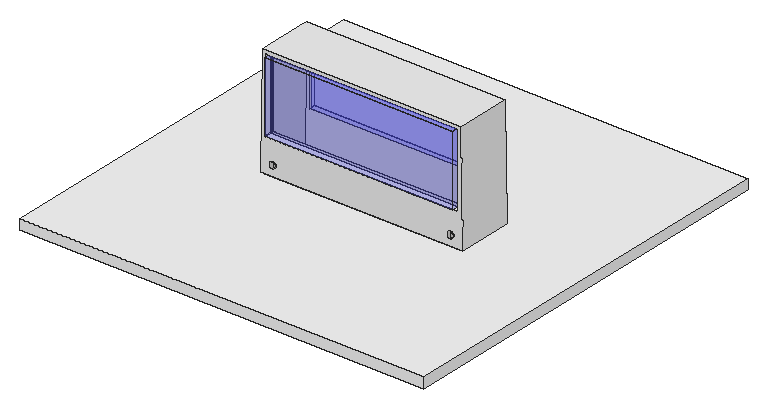
Revit family "BE_12277.1_de_DE", category Leuchten, Revit 2020
Family settings
  Basisbauteil = Fläche
  Bemaßung runder Anschluss = Durchmesser verwenden
  Teiletyp = Normal
  Beim Laden mit Abzugskörper schneiden = Ja
  Lichtquelle = Ja
  Gemeinsam genutzt = Nein
  Raumberechnungspunkt = Ja
Parameters (values of type "BEGA_12277.1_K3")
  built-in parameter 1150104 = 12.115 (stored number, unit not read)
  Wattage = 8.4 W
  Default Elevation = 0 mm
  built-in parameter 1150113 = 1 (stored number, unit not read)
  built-in parameter 1114218 = 1 (stored number, unit not read)
  Umgebungstemperatur = ""
  URL = "http://www.bega.de/de/produkt/12277.1"
  Typenkommentare = "© 2022 BEGA. Wir behalten uns das Recht vor, technische Änderungen ohne vorherige Ankündigung vorzunehmen."  # constant formula
  built-in parameter 1150134 = 12
  built-in parameter 1150109 = 1 (stored number, unit not read)
  Strom = ""
  built-in parameter 1150110 = 1 (stored number, unit not read)
  Spannung = 239.996 V
  Sonderanfertigung = no
  Seriennummer [instance] = "Hier können Sie die eindeutige Seriennummer für das Facility Management eintragen."
  Schutzklasse = "I"
  Schutzart = "IP 20"
  Scheinlast = 0 VA
  Produktdatenblatt = "http://www.bega.de/download/Xrfa/db/12277.1.db.de.pdf"
  Oberflächentemperatur = ""
  Neigungswinkel = 0.00°
  Model = "12277.1K4"
  Material_17 = BEGA_Reflektor
  Material_15 = BEGA_Leuchtmedium_matt
  Material_11 = BEGA_Glas_opal
  Material_09 = BEGA_Glas_klar
  Material_06 = BEGA_Oberfläche_Edelstahl_gebürstet
  Material_05 = BEGA_Oberfläche_Aluminium Guss
  Material_03 = BEGA_Oberfläche_Weiss_matt
  Material_02 = BEGA_Oberfläche_Silber_matt
  Material_01 [instance] = BEGA_Oberfläche_Grafit_matt
  M_W = no
  M_G = no
  M_A = no
  Logo = 0
  built-in parameter 1114217 = 1 (stored number, unit not read)
  built-in parameter 1150139 = (empty or 0)
  built-in parameter 1150105 = 87.166 (stored number, unit not read)
  built-in parameter 1150114 = 1 (stored number, unit not read)
  Lumens = 1095.36 lm
  built-in parameter 1150115 = 1 (stored number, unit not read)
  Leuchtenlichtstrom = "612 lm"
  Leuchtenanzahl = ""
  Lebensdauerkriterien = "L70B50 @ 25 °C = 132000 h"
  Lastklassifizierung = Beleuchtung
  built-in parameter 1150112 = 1 (stored number, unit not read)
  Lampenlichtstrom = "1095 lm"
  Lamp = "LED 8.4 W"
  LED_Modulbezeichnung = "LED-0598/940"
  Hersteller = "BEGA"  # constant formula
  Halbstreuwinkel = ""
  Gewicht = "1.1 kg"
  Gebrauchslageneinschränkung [instance] = ""
  Frequenz = "0/50-60 Hz"
  Farbwiedergabeindex = "CRI > 90"
  Farbtemperaturverschiebung bei Dämpfen der Lampe = <Keine Auswahl>
  Farbtemperatur = "4000 K"
  Color Filter = 16777215
  built-in parameter 1150133 = 10 (stored number, unit not read)
  Energieeffizienzklasse = "LED A++ - A"
  built-in parameter 1150137 = (empty or 0)
  built-in parameter 1150132 = (empty or 0)
  ENEC = "ja"
  Dimmbar [instance] = ""
  Photometric Web File = "BE_12277.1K4.IES"
  CE_Konformität = "ja"
  Bestellnummer = "12277.1K4"
  Beschreibung_Sonderanfertigung = "Hier können Sie Informationen zur Sonderanfertigung eintragen."
  Beschreibung = "Wandleuchte"
  built-in parameter 1150106 = 0.87166 (stored number, unit not read)
  Befestigungsbohrung = "Ø 4,5 mm"
  Befestigungsabstand = "176 mm"
  Ballwurfsicher = ""
  BEGA_Intern_aus = yes
  BEGA_Intern_an = yes
  BEGA_Intern_Konstruktion = yes
  BEGA_Intern = yes
  BEGA_IES = yes
  BEGA_Dummy = no
  Anschlussleitung = ""
  Anschlussleistung [instance] = "10.7 W"
  Anschlusskasten = ""
  built-in parameter 1150107 = 4000 (stored number, unit not read)
  built-in parameter 1150102 = (empty or 0)
  built-in parameter 1150138 = (empty or 0)
  Aktualisierung = "2019-07-05T04:00:16"
  Abstand_zur_angestrahlten_Fläche [instance] = ""
  AC/DC = "AC/DC"
Reference planes
  plane 1 "Mitte (Vorne/Hinten)": y = 0
  plane 2: z = 0
  plane 3 "Mitte (Links/Rechts)": x = 0
  plane 4 "Links": x = -100
  plane 5 "Rechts": x = 100
  plane 6 "Unten": y = -31.2
  plane 7 "Oben": y = 31.2
  plane 8 "Vorne": z = 110
  plane 9 "Hinten": z = 0
Forms (mm)
  Extrusion 1, solid, material "BEGA_Platte_Weiss"
    sketch origin (0, -1119.2, 0) x (1, 0, 0) y (0, 1, 0)
      loop
        line (-200, 1319.2) -> (-200, 919.2) -> (200, 919.2) -> (200, 1319.2) -> (-200, 1319.2)
    from 0 to -10
  Extrusion 2, solid, material "BEGA_Dummy_matt", visible <- "BEGA_Dummy"
    sketch origin (80.095, -76.023, 0) x (1, 0, 0) y (0, 1, 0)
      loop
        line (-180.095, 107.223) -> (-180.095, 44.823) -> (19.905, 44.823) -> (19.905, 107.223) -> (-180.095, 107.223)
    from 0 to 110
Dimensions and locks
  plane 1 "Mitte (Vorne/Hinten)" to Extrusion 1 = 200 mm
  aligned and locked: plane 2 to Extrusion 1
  aligned and locked: level to Extrusion 1
Nested families
  nested 1: "BE_12277.1" at (0, 0, 0), type "BE_12277.1"
Connectors
  electrical at (0, 0, 0), driven by "Lastklassifizierung", driven by "Spannung", driven by "Scheinlast"
    settings: index 1, voltage 239.996 V, apparent load 0 VA, apparent load phase1 0 VA, apparent load phase2 0 VA, apparent load phase3 0 VA, power factor 1, load classification "Beleuchtung", number of poles 1, system type 31, power factor state 1, is connector primary yes, connector utility no, sub classification motor no, connector description ""
Definition of nested family "BE_12277.1"
  Parameters (values of type "BE_12277.1")
    Default Elevation = 1 mm
    URL = "http://www.bega.de/de/produkt"
    Type Comments = "© 2015 BEGA. Wir behalten uns das Recht vor, technische Änderungen ohne vorherige Ankündigung vorzunehmen. "  # constant formula
    Type Image = (empty or 0)
    Neigungswinkel_um_Z2 = 0.00°
    Neigungswinkel_um_Z1 = 0.00°
    Neigungswinkel_um_Y2 = 0.00°
    Neigungswinkel_um_Y1 = 0.00°
    Neigungswinkel_um_X2 = 0.00°
    Neigungswinkel_um_X1 = 0.00°
    Material_17 = none
    Material_15 = none
    Material_11 = none
    Material_09 = none
    Material_06 = none
    Material_05 = none
    Material_03 = none
    Material_02 = none
    Material_01 = none
    M_W = yes
    M_G = yes
    M_A = yes
    Länge_Platte = 300 mm  # constant formula
    Höhe_Platte = -10 mm  # constant formula
    Manufacturer = "BEGA"  # constant formula
    Drehwinkel_um_Z2 = 0.00°
    Drehwinkel_um_Z1 = 0.00°
    Breite_Platte = 200 mm  # constant formula
  Reference planes
    plane 1 "Mitte (Oben/Unten)": y = 0
    plane 2: z = 0
    plane 3 "Mitte (Links/Rechts)": x = 0
    plane 4: x = -100
    plane 5: z = 110
    plane 6: x = 100
    plane 7: y = -31.2
    plane 8: y = 31.2
  Forms (mm)
    Extrusion 1, solid, detail levels medium
      sketch origin (0, 0, 0) x (1, 0, 0) y (0, 1, 0)
        loop
          line (-150, 100) -> (-150, -100) -> (150, -100) -> (150, 100) -> (-150, 100)
      from 0 to -10 <- "Höhe_Platte"
    Extrusion 2, solid, material <- "Material_03", detail levels medium+fine
      sketch origin (0, 0, 0) x (1, 0, 0) y (0, 0, 1)
        loop
          line (-98.097, 110) -> (-100, 1) -> (-99, 1) -> (-96.951, 2.844) -> (-94.21, 107.5) -> (94.211, 107.5) -> (96.951, 2.844) -> (99, 1) -> (100, 1) -> (98.097, 110) -> (-98.097, 110)
      from -27.5 to 27.5
    Extrusion 3, solid, material <- "Material_03", detail levels medium+fine
      sketch origin (0, 0, 0) x (1, 0, 0) y (0, 0, 1)
        loop
          line (98.097, 110) -> (-98.097, 110) -> (-100, 1) -> (100, 1) -> (98.097, 110)
      from -27.5 to -23.02
    Extrusion 4, solid, material <- "Material_03", detail levels medium+fine
      sketch origin (0, 0, 0) x (1, 0, 0) y (0, 0, -1)
        loop
          line (98.097, -110) -> (100, -1) -> (-100, -1) -> (-98.097, -110) -> (98.097, -110)
      from -27.5 to -22.952
    Extrusion 5, void
      sketch origin (0, 0, 0) x (0, 1, 0) y (0, 0, 1)
        loop
          line (29.71, 104.057) -> (-30, 104.057) -> (-30, 37.397) -> (29.71, 37.397) -> (29.71, 104.057)
      from -91.202 to 91.361
    Extrusion 6, void
      sketch origin (0, 0, 0) x (1, 0, 0) y (0, 1, 0)
        loop
          circle (-58, 10) r 8
        loop
          circle (-38, 10) r 8
        loop
          arc (-90.25, -2.75) -> (-88, -5) -> (-85.75, -2.75) r 2.25
          line (-85.75, -2.75) -> (-85.75, 2.75)
          arc (-85.75, 2.75) -> (-88, 5) -> (-90.25, 2.75) r 2.25
          line (-90.25, 2.75) -> (-90.25, -2.75)
        loop
          arc (90.75, -2.25) -> (93, 0) -> (90.75, 2.25) r 2.25
          line (90.75, 2.25) -> (85.25, 2.25)
          arc (85.25, 2.25) -> (83, 0) -> (85.25, -2.25) r 2.25
          line (85.25, -2.25) -> (90.75, -2.25)
      from 0 to 4.5
    Extrusion 7, solid, material <- "Material_03", detail levels medium+fine
      sketch origin (0, 0, 0) x (0, 1, 0) y (0, 0, 1)
        loop
          line (27, 0) -> (27, 1) -> (24.5, 1)
          arc (24.5, 1) -> (23.923, 1.184) -> (23.557, 1.667) r 1
          arc (23.557, 1.667) -> (22.826, 2.633) -> (21.672, 3) r 2
          line (21.672, 3) -> (-21.672, 3)
          arc (-21.672, 3) -> (-22.826, 2.633) -> (-23.557, 1.667) r 2
          arc (-23.557, 1.667) -> (-23.923, 1.184) -> (-24.5, 1) r 1
          line (-24.5, 1) -> (-27, 1) -> (-27, 0) -> (-24.5, 0)
          arc (-24.5, 0) -> (-23.345, 0.367) -> (-22.614, 1.333) r 2
          arc (-22.614, 1.333) -> (-22.249, 1.816) -> (-21.672, 2) r 1
          line (-21.672, 2) -> (21.672, 2)
          arc (21.672, 2) -> (22.249, 1.816) -> (22.614, 1.333) r 1
          arc (22.614, 1.333) -> (23.345, 0.367) -> (24.5, 0) r 2
          line (24.5, 0) -> (27, 0)
      from -96.534 to 96.5
    Revolve 8, solid, material <- "Material_06", detail levels fine
      sketch origin (-88, 0, 0) x (0, 1, 0) y (0, 0, 1)
        loop
          line (-19.529, 10.861) -> (-19.477, 13.86) -> (-27.532, 14.001) -> (-27.584, 11.001) -> (-19.529, 10.861)
        axis (-19.529, 10.861) -> (-27.584, 11.001)
      angle from 0 to 360
    Revolve 9, solid, material <- "Material_06", detail levels fine
      sketch origin (88, 0, 0) x (0, 1, 0) y (0, 0, -1)
        loop
          line (-19.529, -10.861) -> (-27.584, -11.001) -> (-27.532, -14.001) -> (-19.477, -13.86) -> (-19.529, -10.861)
        axis (-19.529, -10.861) -> (-27.584, -11.001)
      angle from 0 to 360
    Sweep 10, void
      path origin (0, 0, 0) x (1, 0, 0) y (0, 0, 1)
        loop
          line (91.281, 104.057) -> (-91.281, 104.057) -> (-91.281, 37.397) -> (91.281, 37.397) -> (91.281, 104.057)
      profile origin (0, 0, 104.057) x (0, 0, -1) y (0, -1, 0)
        loop
          line (-1.878, 23.2) -> (21.239, 23.2) -> (21.239, 29.023) -> (-3.997, 29.023) -> (-1.878, 23.2)
    Extrusion 11, solid, material <- "Material_11", detail levels medium+fine
      sketch origin (0, 0, 0) x (0, -1, 0) y (0, 0, -1)
        loop
          line (31.2, -106) -> (31.2, -35.5) -> (23.2, -35.5) -> (23.2, -106) -> (31.2, -106)
      from -93.159 to 93.159
    Extrusion 12, solid, material <- "Material_11", detail levels medium+fine
      sketch origin (0, 0, 0) x (0, 1, 0) y (0, 0, 1)
        loop
          line (31.2, 106) -> (23.2, 106) -> (23.2, 35.5) -> (31.2, 35.5) -> (31.2, 106)
      from -93.159 to 93.159
    Sweep 13, void
      path origin (0, 0, 0) x (1, 0, 0) y (0, 0, -1)
        loop
          line (91.281, -104.057) -> (91.281, -37.397) -> (-91.281, -37.397) -> (-91.281, -104.057) -> (91.281, -104.057)
      profile origin (0, 0, 104.057) x (0, 0, 1) y (0, 1, 0)
        loop
          line (1.878, 23.2) -> (3.997, 29.023) -> (-21.239, 29.023) -> (-21.239, 23.2) -> (1.878, 23.2)
  Cuts and joins
    Extrusion 5, Sweep 10, Sweep 13 cuts Extrusion 2
    Extrusion 5, Sweep 10, Sweep 13 cuts Extrusion 3
    Extrusion 5, Sweep 10, Sweep 13 cuts Extrusion 4
    joined: Extrusion 2, Extrusion 3, Extrusion 4
    Extrusion 6 cuts Extrusion 7
    Sweep 13 cuts Extrusion 11
  Dimensions and locks
    equal spacing: Extrusion 1 sketch curve, plane 3 "Mitte (Links/Rechts)", Extrusion 1 sketch curve
    equal spacing: Extrusion 1 sketch curve, plane 1 "Mitte (Oben/Unten)", Extrusion 1 sketch curve
    "Länge_Platte": Extrusion 1 sketch curve to Extrusion 1 sketch curve
    "Breite_Platte": Extrusion 1 sketch curve to Extrusion 1 sketch curve
    aligned and locked: plane 2 to Extrusion 1
    aligned and locked: level to Extrusion 1
  Automatic sketch dimensions
    level to Extrusion 2 sketch curve = 1 mm  (x2)
    Extrusion 2 sketch curve to plane 3 "Mitte (Links/Rechts)" = 100 mm
    Extrusion 2 sketch curve to Extrusion 2 sketch curve = 1 mm  (x2)
    Extrusion 2 sketch curve to plane 3 "Mitte (Links/Rechts)" = 98.097 mm
    level to Extrusion 2 sketch curve = 2.844 mm  (x2)
    Extrusion 2 sketch curve to Extrusion 2 sketch curve = 2.048 mm  (x2)
    Extrusion 2 sketch curve to Extrusion 2 sketch curve = 3.887 mm  (x2)
    plane 3 "Mitte (Links/Rechts)" to Extrusion 2 sketch curve = 94.211 mm
    plane 3 "Mitte (Links/Rechts)" to Extrusion 2 sketch curve = 96.951 mm
    Extrusion 2 sketch curve to Extrusion 2 sketch curve = 2.5 mm
    level to Extrusion 3 sketch curve = 1 mm
    Extrusion 3 sketch curve to plane 3 "Mitte (Links/Rechts)" = 100 mm
    Extrusion 3 sketch curve to plane 3 "Mitte (Links/Rechts)" = 98.097 mm
    plane 3 "Mitte (Links/Rechts)" to Extrusion 3 sketch curve = 98.097 mm
    plane 3 "Mitte (Links/Rechts)" to Extrusion 3 sketch curve = 100 mm
    level to Extrusion 4 sketch curve = 1 mm
    Extrusion 4 sketch curve to plane 3 "Mitte (Links/Rechts)" = 100 mm
    Extrusion 4 sketch curve to plane 3 "Mitte (Links/Rechts)" = 98.097 mm
    plane 3 "Mitte (Links/Rechts)" to Extrusion 4 sketch curve = 98.097 mm
    plane 3 "Mitte (Links/Rechts)" to Extrusion 4 sketch curve = 100 mm
    plane 1 "Mitte (Oben/Unten)" to Extrusion 5 sketch curve = 30 mm
    Extrusion 5 sketch curve to plane 1 "Mitte (Oben/Unten)" = 29.71 mm
    level to Extrusion 5 sketch curve = 37.397 mm
    Extrusion 5 sketch curve to Extrusion 5 sketch curve = 66.66 mm
    plane 1 "Mitte (Oben/Unten)" to Extrusion 6 sketch curve = 0 mm
    plane 1 "Mitte (Oben/Unten)" to Extrusion 6 sketch curve = 2.75 mm
    Extrusion 6 sketch curve to plane 3 "Mitte (Links/Rechts)" = 90.25 mm
    Extrusion 6 sketch curve to Extrusion 6 sketch curve = 2.25 mm
    Extrusion 6 sketch curve to plane 1 "Mitte (Oben/Unten)" = 10 mm  (x2)
    Extrusion 6 sketch curve to Extrusion 6 sketch curve = 27.75 mm
    Extrusion 6 sketch curve to Extrusion 6 sketch curve = 20 mm
    plane 1 "Mitte (Oben/Unten)" to Extrusion 6 sketch curve = 2.25 mm
    plane 3 "Mitte (Links/Rechts)" to Extrusion 6 sketch curve = 85.25 mm
    Extrusion 6 sketch curve to Extrusion 6 sketch curve = 5.5 mm
    Extrusion 6 sketch curve to plane 1 "Mitte (Oben/Unten)" = 2.75 mm
    Extrusion 7 sketch curve to Extrusion 7 sketch curve = 0 mm  (x12)
    Extrusion 7 sketch curve to level = 0 mm  (x2)
    level to Extrusion 7 sketch curve = 1 mm  (x4)
    plane 1 "Mitte (Oben/Unten)" to Extrusion 7 sketch curve = 27 mm
    Extrusion 7 sketch curve to Extrusion 7 sketch curve = 2.5 mm  (x2)
    Extrusion 7 sketch curve to Extrusion 7 sketch curve = 2.828 mm  (x2)
    level to Extrusion 7 sketch curve = 3 mm
    Extrusion 7 sketch curve to plane 1 "Mitte (Oben/Unten)" = 21.672 mm
    Extrusion 7 sketch curve to Extrusion 7 sketch curve = 1 mm  (x3)
    Extrusion 7 sketch curve to Extrusion 7 sketch curve = 0.943 mm  (x4)
    level to Revolve 8 sketch curve = 11.001 mm
    plane 1 "Mitte (Oben/Unten)" to Revolve 8 sketch curve = 27.584 mm
    Revolve 8 sketch curve to Revolve 8 sketch curve = 0.052 mm  (x2)
    Revolve 8 sketch curve to Revolve 8 sketch curve = 8.055 mm
    Revolve 8 sketch curve to Revolve 8 sketch curve = 0.141 mm
    Revolve 8 sketch curve to Revolve 8 sketch curve = 3 mm
    Revolve 8 sketch curve to Revolve 8 sketch curve = 2.999 mm
    level to Revolve 8 sketch curve = 10.912 mm
    Revolve 8 sketch curve to Revolve 8 sketch curve = 2.905 mm
    Revolve 8 sketch curve to Revolve 8 sketch curve = 6.963 mm
    Revolve 8 sketch curve to Revolve 8 sketch curve = 0.122 mm
    level to Revolve 9 sketch curve = 11.001 mm
    plane 1 "Mitte (Oben/Unten)" to Revolve 9 sketch curve = 27.584 mm
    Revolve 9 sketch curve to Revolve 9 sketch curve = 0.052 mm  (x2)
    Revolve 9 sketch curve to Revolve 9 sketch curve = 8.055 mm
    Revolve 9 sketch curve to Revolve 9 sketch curve = 2.859 mm
    Revolve 9 sketch curve to Revolve 9 sketch curve = 2.999 mm
    Revolve 9 sketch curve to Revolve 9 sketch curve = 3 mm
    level to Revolve 9 sketch curve = 10.912 mm
    Revolve 9 sketch curve to Revolve 9 sketch curve = 2.905 mm
    Revolve 9 sketch curve to Revolve 9 sketch curve = 6.963 mm
    Revolve 9 sketch curve to Revolve 9 sketch curve = 0.122 mm
    Sweep 10 sketch curve to plane 3 "Mitte (Links/Rechts)" = 91.281 mm
    level to Sweep 10 sketch curve = 37.397 mm
    plane 3 "Mitte (Links/Rechts)" to Sweep 10 sketch curve = 91.281 mm
    Sweep 10 sketch curve to Sweep 10 sketch curve = 66.66 mm
    profile plane to Sweep 10 sketch curve = 3.997 mm
    profile plane to Sweep 10 sketch curve = 1.878 mm
    Sweep 10 sketch curve to profile plane = 21.239 mm
    plane 1 "Mitte (Oben/Unten)" to Sweep 10 sketch curve = 23.2 mm
    Sweep 10 sketch curve to Sweep 10 sketch curve = 5.823 mm
    Extrusion 11 sketch curve to plane 1 "Mitte (Oben/Unten)" = 23.2 mm
    Extrusion 11 sketch curve to Extrusion 11 sketch curve = 8 mm
    Extrusion 11 sketch curve to level = 35.5 mm
    Extrusion 11 sketch curve to Extrusion 11 sketch curve = 70.5 mm
    Extrusion 12 sketch curve to plane 1 "Mitte (Oben/Unten)" = 23.2 mm
    Extrusion 12 sketch curve to Extrusion 12 sketch curve = 8 mm
    level to Extrusion 12 sketch curve = 35.5 mm
    Extrusion 12 sketch curve to Extrusion 12 sketch curve = 70.5 mm
    Sweep 13 sketch curve to plane 3 "Mitte (Links/Rechts)" = 91.281 mm
    level to Sweep 13 sketch curve = 37.397 mm
    plane 3 "Mitte (Links/Rechts)" to Sweep 13 sketch curve = 91.281 mm
    Sweep 13 sketch curve to Sweep 13 sketch curve = 66.66 mm
    profile plane to Sweep 13 sketch curve = 21.239 mm
    Sweep 13 sketch curve to profile plane = 1.878 mm
    Sweep 13 sketch curve to profile plane = 3.997 mm
    profile plane to Sweep 13 sketch curve = 23.2 mm
    Sweep 13 sketch curve to Sweep 13 sketch curve = 5.823 mm
    Extrusion 2 sketch curve to Extrusion 2 sketch curve = 104.656 mm
    Extrusion 3 sketch curve to Extrusion 3 sketch curve = 109 mm
    Extrusion 4 sketch curve to Extrusion 4 sketch curve = 109 mm
    radius of Extrusion 6 sketch curve = 8 mm  (x2)
